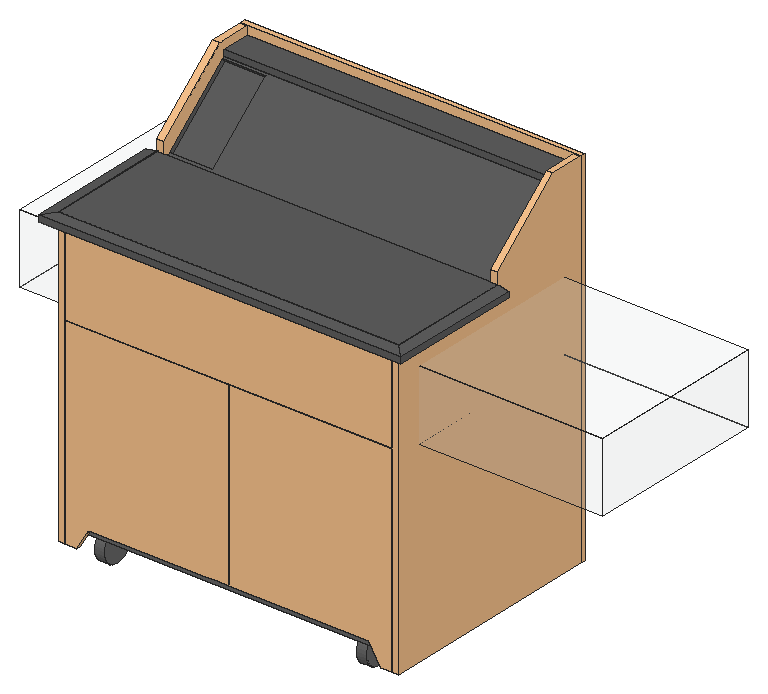
Revit family "Lectern-Middle_Atlantic-L5_Series2", category Furniture Systems, Revit 2012
Parameters (values of type "43" Contemporary, Turret")
  zz YesNo 9 [instance] = and(zz YesNo 1, or(zz Integer 1 = 1, zz Integer 1 = 4, zz Integer 1 = 7))  # yes
  zz YesNo 8 [instance] = and(Has Clearance Areas, or(zz Integer 1 = 1, zz Integer 1 = 4, zz Integer 1 = 7))  # yes
  zz YesNo 7 [instance] = and(zz YesNo 1, not(or(zz Integer 1 = 1, zz Integer 1 = 4, zz Integer 1 = 7)))  # no
  zz YesNo 6 [instance] = and(Has Clearance Areas, not(or(zz Integer 1 = 1, zz Integer 1 = 4, zz Integer 1 = 7)))  # no
  zz YesNo 5 [instance] = or(zz Integer 1 = 1, zz Integer 1 = 4, zz Integer 1 = 7)  # yes
  zz YesNo 4 [instance] = or(zz Integer 1 = 1, zz Integer 1 = 4)  # no
  zz YesNo 3 [instance] = zz Integer 1 = 7  # yes
  zz YesNo 2 [instance] = not(or(zz Integer 1 = 1, zz Integer 1 = 2, zz Integer 1 = 3))  # yes
  zz YesNo 13 [instance] = or(zz Integer 1 = 7, zz Integer 1 = 8, zz Integer 1 = 9)  # yes
  zz YesNo 12 [instance] = 1 = 0  # no
  zz YesNo 11 [instance] = not(or(zz Integer 1 = 3, zz Integer 1 = 6, zz Integer 1 = 9))  # yes
  zz YesNo 10 [instance] = not(zz YesNo 5)  # no
  zz YesNo 1 [instance] = and(Has Clearance Areas, not(or(zz Integer 1 = 1, zz Integer 1 = 2, zz Integer 1 = 3)))  # yes
  zz Length 9 [instance] = zz Length 14 / 2  # 20.7350"
  zz Length 8 [instance] = if(or(zz Integer 1 = 1, zz Integer 1 = 4, zz Integer 1 = 7), 0.5010", 0.2500")  # 0.5010"
  zz Length 7 [instance] = if(or(zz Integer 1 = 1, zz Integer 1 = 4, zz Integer 1 = 7), 0.0000", 0.8280")  # 0.0000"
  zz Length 6 [instance] = if(or(zz Integer 1 = 1, zz Integer 1 = 4, zz Integer 1 = 7), 15.6250", 0.0000")  # 15.6250"
  zz Length 5 [instance] = 0.5000"  # constant formula
  zz Length 4 [instance] = if(or(zz Integer 1 = 1, zz Integer 1 = 4, zz Integer 1 = 7), 0.8280", 0.5000")  # 0.8280"
  zz Length 3 [instance] = 0.6250"  # constant formula
  zz Length 25 [instance] = if(or(zz Integer 1 = 3, zz Integer 1 = 6, zz Integer 1 = 9), 0.0000", 8.0000")  # 8.0000"
  zz Length 24 [instance] = if(or(zz Integer 1 = 1, zz Integer 1 = 4, zz Integer 1 = 7), 2.5350", 0.0000")  # 2.5350"
  zz Length 23 [instance] = if(zz YesNo 12, 100.0000", if(or(zz Integer 1 = 1, zz Integer 1 = 2, zz Integer 1 = 3), 1.4650", 0.0000"))  # 0.0000"
  zz Length 22 [instance] = if((or(zz Integer 1 = 4, zz Integer 1 = 5, zz Integer 1 = 6)), 10.6240", 20.5940")  # 20.5940"
  zz Length 21 [instance] = if(or(zz Integer 1 = 1, zz Integer 1 = 4, zz Integer 1 = 7), 0.0000", 1.4370")  # 0.0000"
  zz Length 20 [instance] = if(zz Integer 1 = 1, 2.5350", 0.0000")  # 0.0000"
  zz Length 2 [instance] = if(or(zz Integer 1 = 7, zz Integer 1 = 8, zz Integer 1 = 9), 41.4700", 19.0000")  # 41.4700"
  zz Length 19 [instance] = if(or(zz Integer 1 = 4, zz Integer 1 = 5, zz Integer 1 = 7, zz Integer 1 = 8), 0.5000", 0.0000")  # 0.5000"
  zz Length 18 [instance] = if(or(zz Integer 1 = 1, zz Integer 1 = 4, zz Integer 1 = 7), 0.7500", 0.5000")  # 0.7500"
  zz Length 17 [instance] = if(1 = 1, 240.0000" + zz Length 1, 240.0000")  # 240.0000"
  zz Length 16 [instance] = if(or(zz Integer 1 = 1, zz Integer 1 = 2, zz Integer 1 = 3), 21.7425", 20.5940")  # 20.5940"
  zz Length 15 [instance] = if(zz YesNo 12, 200.0000", 0.0000")  # 0.0000"
  zz Length 14 [instance] = if(or(zz Integer 1 = 1, zz Integer 1 = 2, zz Integer 1 = 3), 21.9300", if(or(zz Integer 1 = 4, zz Integer 1 = 5, zz Integer 1 = 6), 31.5000", if(or(zz Integer 1 = 7, zz Integer 1 = 8, zz Integer 1 = 9), 41.4700", 21.9300")))  # 41.4700"
  zz Length 13 [instance] = if(or(zz Integer 1 = 3, zz Integer 1 = 6, zz Integer 1 = 9), 0.0000", 13.1880")  # 13.1880"
  zz Length 12 [instance] = 19.0500"  # constant formula
  zz Length 11 [instance] = 1.2500"  # constant formula
  zz Length 10 [instance] = if(or(zz Integer 1 = 1, zz Integer 1 = 2, zz Integer 1 = 3), 23.5850", if(or(zz Integer 1 = 4, zz Integer 1 = 5, zz Integer 1 = 6), 33.1550", if(or(zz Integer 1 = 7, zz Integer 1 = 8, zz Integer 1 = 9), 43.1250", 23.5850")))  # 43.1250"
  zz Length 1 [instance] = 0.0000"  # constant formula
  zz Integer 1 = 7
  zz Angle 2 [instance] = 130.00°  # constant formula
  zz Angle 1 [instance] = if(Doors Are Open, 90.00°, 0.00°)  # 0.00°
  Width = if(zz Integer 1 = 1, 26.6800", if(or(zz Integer 1 = 2, zz Integer 1 = 3), 24.4600", if(zz Integer 1 = 4, 36.2500", if(or(zz Integer 1 = 5, zz Integer 1 = 6), 35.1400", if(zz Integer 1 = 7, 46.2500", if(or(zz Integer 1 = 8, zz Integer 1 = 9), 45.1400", 26.6800"))))))  # 46.2500"
  Voltage [instance] = 0 V
  URL = "www.middleatlantic.com"
  Type Comments = ""
  Rack Spaces RU = 12  # constant formula
  Provide Feedback = "https://www.surveymonkey.com/s/M3KT6ZV"
  Product Page URL = "http://www.middleatlantic.com/Lecterns/L5.htm"
  Product Material = Steel - Middle Atlantic
  Product Documentation Link = "http://www2.middleatlantic.com/specs/ae/96-01194.aspx"
  Part Number [instance] = if(zz Integer 1 = 1, "L5-TKITM-23", if(zz Integer 1 = 2, "L5-TKIT-23", if(zz Integer 1 = 3, "L5-FLKIT-23", if(zz Integer 1 = 4, "L5-TKITM-33", if(zz Integer 1 = 5, "L5-TKIT-33", if(zz Integer 1 = 6, "L5-FLKIT-33", if(zz Integer 1 = 7, "L5-TKITM-43", if(zz Integer 1 = 8, "L5-TKIT-43", if(zz Integer 1 = 9, "L5-FLKIT-43", "L5-TKITM-23")))))))))  # "L5-TKITM-43"
  Part Description [instance] = if(zz Integer 1 = 1, "23 Inch, Contemporary Style Lectern With Turret", if(zz Integer 1 = 2, "23 Inch,Traditional Style Lectern With Turret", if(zz Integer 1 = 3, "23 Inch,Traditional Style Flat Lectern", if(zz Integer 1 = 4, "33 Inch, Contemporary Style Lectern With Turret", if(zz Integer 1 = 5, "33 Inch,Traditional Style Lectern With Turret", if(zz Integer 1 = 6, "33 Inch,Traditional Style Flat Lectern", if(zz Integer 1 = 7, "43 Inch, Contemporary Style Lectern With Turret", if(zz Integer 1 = 8, "43 Inch,Traditional Style Lectern With Turret", if(zz Integer 1 = 9, "43 Inch,Traditional Style Flat Lectern", "23 Inch, Contemporary Style Lectern With Turret")))))))))  # "43 Inch, Contemporary Style Lectern With Turret"
  Original Creation Date = "June 5, 2013"  # constant formula
  Model Disclaimer = "For More Information, Contact Middle Atlantic"  # constant formula
  Model = "See Part Number"  # constant formula
  Manufacturer = "Middle Atlantic Products"  # constant formula
  Height = 47.7500"  # constant formula
  Has Snap Locations [instance] = no
  Has Clearance Areas [instance] = yes
  Finish Material [instance] = Veneer - Middle Atlantic - Light Walnut - FIN-LW
  Family Version = "1.0.0"  # constant formula
  Equipment Number [instance] = ""
  Equipment Abbreviation = "LSL"
  Description = "See Part Description"  # constant formula
  Depth = if(or(zz Integer 1 = 1, zz Integer 1 = 4, zz Integer 1 = 7), 31.0000", 31.0700")  # 31.0000"
  Date Last Modified = "June 5, 2013"  # constant formula
  Cost = 0
  Copyright = "Copyright © Middle Atlantic"  # constant formula
  Doors Are Open [instance] = no
  Assembly Code = ""
  Apparent Load [instance] = 0 VA
Reference planes (in)
  plane 1 "Center (Front/Back)": y = 0
  plane 2 "Center (Elevation)": z = 0
  plane 3 "Center (Left/Right)": x = 0
  plane 4 "Anchor Left": x = -20.735
  plane 5 "Anchor Right": x = 20.735
  plane 6 "Anchor Front": y = -14.063
  plane 7 "Anchor Rear": y = 15.5
  plane 8 "Base": z = -240
  plane 9 "Host": z = 0
  plane 10 "Ref. Level": z = 0
  plane 11 "Panel Right": x = 21.5625
  plane 12 "Panel Left": x = -21.5625
  plane 13 "Wheel Center H": z = 2
  plane 14 "Frame Bottom": z = 3.16
  plane 15 "Frame Bay Floor": z = 5.15589
  plane 16 "Frame Bay Ceiling": z = 26.285
  plane 17 "Table Bottom": z = 37.9815
  plane 18 "Frame Ledge Top": z = 46.7315
  plane 19 "Frame Turret Top": z = 45.9815
  plane 20 "Frame Ledge Bottom": z = 45.9815
  plane 21 "Table Top": z = 38.9815
  plane 22 "Table Edge": z = 38.68993
  plane 23 "Frame Rear": y = 14.75
  plane 24 "Frame Ledge Front": y = 10.98566
  plane 25 "Wheel Center V": y = -11.768
  plane 26 "Table Rear": y = 1.562
  plane 27 "Frame Bay Rear": y = 12.125
  plane 28 "Frame Front": y = -13.562
  plane 29 "Panel Top": z = 47.75
  plane 30 "Panel Groove H01": z = 43.392
  plane 31 "Panel Groove H02": z = 43.04533
  plane 32 "Panel Groove H03": z = 37.08786
  plane 33 "Panel Groove H04": z = 36.83777
  plane 34 "Panel Groove H05": z = 26.57943
  plane 35 "Panel Groove H06": z = 26.233
  plane 36 "Panel Groove H07": z = 22.486
  plane 37 "Panel Groove H08": z = 22.13933
  plane 38 "Panel Groove H09": z = 5.67367
  plane 39 "Panel Groove H10": z = 5.327
  plane 40 "Panel Groove Bottom": z = 1.5
  plane 41 "Panel Slope Front H": z = 40.35501
  plane 42 "Panel Groove V01": y = 12.298
  plane 43 "Panel Groove V04": y = 7.85921
  plane 44 "Panel Groove V03": y = 7.91531
  plane 45 "Panel Groove V05": y = 4.86367
  plane 46 "Panel Groove V06": y = 4.517
  plane 47 "Panel Slope Front V": y = 1.562
  plane 48 "Panel Groove V02": y = 11.95133
  plane 49 "Panel Slop Top": y = 10.375
  plane 50: x = 21.563
  plane 51: x = -21.563
  plane 52: x = 15.971
  plane 53: x = -15.971
  plane 54: x = -17.221
  plane 55: x = 17.221
  plane 56 "Panel Front Bottom": z = 26.947
  plane 57 "Frame Turret Pivot": y = 1.45163
  plane 58: y = -14.063
  plane 59: x = 17.7085
  plane 60: x = -17.7085
  plane 61 "Panel Rear": y = 15.5
  plane 62: x = -17.3615
  plane 63: x = 17.3615
  plane 64 "Table Side Anchor": x = 21.5625
  plane 65 "Table Anchor Left": x = -21.5625
  plane 66: y = -15.5
  plane 67: x = -20.4225
  plane 68: x = -1.9975
  plane 69: x = -20.735
  plane 70: x = -20.11
  plane 71: x = -1.685
  plane 72: x = -2.31
  plane 73: x = 1.9975
  plane 74: x = 20.4225
  plane 75: x = 1.685
  plane 76: x = 2.31
  plane 77: x = 20.735
  plane 78: x = 20.11
  plane 79: x = -21.5625
  plane 80: x = 21.5625
  plane 81: x = 0
  plane 82 "Panel Front Groove V01": z = 35.521
  plane 83 "Panel Front Groove V02": z = 35.175
  plane 84 "Panel Front Groove V03": z = 29.614
  plane 85 "Panel Front Groove V04": z = 29.268
  plane 86 "Panel Front Groove Left Out": x = -18.2045
  plane 87 "Panel Front Groove Left In": x = -17.8585
  plane 88 "Panel Front Groove Right In": x = 17.8585
  plane 89 "Panel Front Groove Right Out": x = 18.2045
  plane 90: y = -14.063
  plane 91: y = -10.93467
  plane 92: x = 22.9995
  plane 93: x = -22.9995
Forms (in)
  Extrusion 1, solid, material "Veneer - Middle Atlantic - Light Walnut - FIN-LW" <- "Finish Material"
    sketch origin (20.735, 0, 0) x (0, -1, 0) y (0, 0, 1)
      loop
        line (-10.375, 47.75) -> (-14.75, 47.75) -> (-14.75, 1.5) -> (14.063, 1.5) -> (14.063, 37.9815) -> (-1.562, 38.9815) -> (-1.562, 40.35501) -> (-10.375, 47.75)
      loop
        line (-4.517, 37.08786) -> (-7.85921, 43.392) -> (-12.298, 43.392) -> (-12.298, 26.233) -> (-4.517, 26.233) -> (-4.517, 37.08786)
      loop
        line (-7.91531, 43.04533) -> (-11.95133, 43.04533) -> (-11.95133, 26.57943) -> (-4.86367, 26.57943) -> (-4.86367, 36.83777) -> (-7.91531, 43.04533)
      loop
        line (-4.86367, 22.13933) -> (-11.95133, 22.13933) -> (-11.95133, 5.67367) -> (-4.86367, 5.67367) -> (-4.86367, 22.13933)
      loop
        line (-4.517, 22.486) -> (-12.298, 22.486) -> (-12.298, 5.327) -> (-4.517, 5.327) -> (-4.517, 22.486)
    from 0 to -0.8275
  Extrusion 2, solid, material "Veneer - Middle Atlantic - Light Walnut - FIN-LW" <- "Finish Material"
    sketch origin (-20.735, 0, 0) x (0, -1, 0) y (0, 0, 1)
      loop
        line (-10.375, 47.75) -> (-14.75, 47.75) -> (-14.75, 1.5) -> (14.063, 1.5) -> (14.063, 37.9815) -> (-1.562, 38.9815) -> (-1.562, 40.35501) -> (-10.375, 47.75)
      loop
        line (-4.517, 37.08786) -> (-7.85921, 43.392) -> (-12.298, 43.392) -> (-12.298, 26.233) -> (-4.517, 26.233) -> (-4.517, 37.08786)
      loop
        line (-7.91531, 43.04533) -> (-11.95133, 43.04533) -> (-11.95133, 26.57943) -> (-4.86367, 26.57943) -> (-4.86367, 36.83777) -> (-7.91531, 43.04533)
      loop
        line (-4.517, 22.486) -> (-12.298, 22.486) -> (-12.298, 5.327) -> (-4.517, 5.327) -> (-4.517, 22.486)
      loop
        line (-4.86367, 22.13933) -> (-11.95133, 22.13933) -> (-11.95133, 5.67367) -> (-4.86367, 5.67367) -> (-4.86367, 22.13933)
    from 0 to 0.8275
  Extrusion 3, solid, material "Veneer - Middle Atlantic - Light Walnut - FIN-LW" <- "Finish Material"
    sketch origin (20.735, 0, 0) x (0, -1, 0) y (0, 0, 1)
      loop
        line (-1.562, 40.35501) -> (-10.375, 47.75) -> (-14.75, 47.75) -> (-14.75, 1.5) -> (14.063, 1.5) -> (14.063, 37.9815) -> (-1.562, 38.9815) -> (-1.562, 40.35501)
    from 0 to -0.828
  Extrusion 4, solid, material "Veneer - Middle Atlantic - Light Walnut - FIN-LW" <- "Finish Material"
    sketch origin (-20.735, 0, 0) x (0, -1, 0) y (0, 0, 1)
      loop
        line (-1.562, 40.35501) -> (-10.375, 47.75) -> (-14.75, 47.75) -> (-14.75, 1.5) -> (14.063, 1.5) -> (14.063, 37.9815) -> (-1.562, 38.9815) -> (-1.562, 40.35501)
    from 0 to 0.828
  Extrusion 5, solid, material "Steel - Middle Atlantic" <- "Product Material", detail levels medium+fine
    sketch origin (0, 0, 0) x (0, 1, 0) y (0, 0, 1)
      loop
        line (-10.13877, 3.16) -> (-13.39723, 3.16)
        arc (-13.39723, 3.16) -> (-11.768, 0) -> (-10.13877, 3.16) r 2
      loop
        line (13.75423, 3.16) -> (10.49577, 3.16)
        arc (10.49577, 3.16) -> (12.125, 0) -> (13.75423, 3.16) r 2
    from -17.221 to 17.221
  Extrusion 6, void
    sketch origin (0, 0, 0) x (0, 1, 0) y (0, 0, 1)
      loop
        line (-14.063, 5.15589) -> (-14.063, 0) -> (14.75, 0) -> (14.75, 5.15589) -> (-14.063, 5.15589)
    from -15.971 to 15.971
  Extrusion 7, solid, material "Veneer - Middle Atlantic - Light Walnut - FIN-LW" <- "Finish Material"
    sketch origin (0, 0, 0) x (0, 1, 0) y (0, 0, 1)
      loop
        line (10.98566, 45.9815) -> (1.45163, 37.9815) -> (-13.562, 37.9815) -> (-13.562, 26.285) -> (12.125, 26.285) -> (12.125, 5.15589) -> (-13.562, 5.15589) -> (-13.562, 3.16) -> (14.75, 3.16) -> (14.75, 1.5) -> (15.5, 1.5) -> (15.5, 47.75) -> (14.75, 47.75) -> (14.75, 45.9815) -> (10.98566, 45.9815)
    from -20.735 to 20.735
  Extrusion 8, solid, material "Veneer - Middle Atlantic - Light Walnut - FIN-LW" <- "Finish Material"
    sketch origin (0, 0, 0) x (1, 0, 0) y (0, 0, 1)
      loop
        line (-21.5625, 47.75) -> (-21.5625, 1.5) -> (21.5625, 1.5) -> (21.5625, 47.75) -> (-21.5625, 47.75)
      loop
        line (-17.3615, 22.13933) -> (-17.3615, 5.67367) -> (17.3615, 5.67367) -> (17.3615, 22.13933) -> (-17.3615, 22.13933)
      loop
        line (17.7085, 5.327) -> (17.7085, 22.486) -> (-17.7085, 22.486) -> (-17.7085, 5.327) -> (17.7085, 5.327)
      loop
        line (17.7085, 26.233) -> (17.7085, 43.392) -> (-17.7085, 43.392) -> (-17.7085, 26.233) -> (17.7085, 26.233)
      loop
        line (-17.3615, 43.04533) -> (-17.3615, 26.57943) -> (17.3615, 26.57943) -> (17.3615, 43.04533) -> (-17.3615, 43.04533)
    from -15.5 to -14.75
  Extrusion 9, solid, material "Veneer - Middle Atlantic - Light Walnut - FIN-LW" <- "Finish Material"
    sketch origin (0, 0, 0) x (0, 1, 0) y (0, 0, 1)
      loop
        line (-14.063, 38.9815) -> (-14.063, 38.68993) -> (-14.063, 37.9815) -> (1.562, 37.9815) -> (1.562, 38.9815) -> (-14.063, 38.9815)
    from -21.5625 to 21.5625
  Sweep 10, solid, material "Steel - Middle Atlantic" <- "Product Material", visible <- "zz YesNo 3"
    path in 3D
      loop
        line (21.5625, 1.562, 38.9815) -> (21.5625, -14.063, 38.9815) -> (-21.5625, -14.063, 38.9815) -> (-21.5625, 1.562, 38.9815)
    profile origin (0, -14.063, 38.9815) x (0, -1, 0) y (0, 0, 1)
      loop
        line (1.437, -1) -> (1.437, -0.29157) -> (0, 0) -> (0, -1) -> (1.437, -1)
  Sweep 11, solid, material "Steel - Middle Atlantic" <- "Product Material", visible <- "zz YesNo 4"
    path in 3D
      loop
        line (21.5625, 1.562, 38.9815) -> (21.5625, -14.063, 38.9815) -> (-21.5625, -14.063, 38.9815) -> (-21.5625, 1.562, 38.9815)
    profile origin (0, -14.063, 38.9815) x (0, -1, 0) y (0, 0, 1)
      loop
        arc (0, -1.39946) -> (1.39308, -0.2069) -> (-0.42903, 0) r 1
        line (-0.42903, 0) -> (0, 0) -> (0, -1.39946)
  Extrusion 12, solid, material "Steel - Middle Atlantic"
    sketch origin (0, 0, 5.15589) x (0, -1, 0) y (1, 0, 0)
      loop
        line (11.768, -20.735) -> (11.768, -20.11) -> (10.93467, -20.11) -> (10.93467, -20.735) -> (11.768, -20.735)
      loop
        line (11.768, -1.685) -> (10.93467, -1.685) -> (10.93467, -2.31) -> (11.768, -2.31) -> (11.768, -1.685)
    from 0 to 21.12911
  Extrusion 13, solid, material "Steel - Middle Atlantic", visible <- "zz YesNo 13"
    sketch origin (30, 0, 5.15589) x (0, -1, 0) y (1, 0, 0)
      loop
        line (11.768, -28.315) -> (11.768, -27.69) -> (10.93467, -27.69) -> (10.93467, -28.315) -> (11.768, -28.315)
      loop
        line (11.768, -9.265) -> (10.93467, -9.265) -> (10.93467, -9.89) -> (11.768, -9.89) -> (11.768, -9.265)
    from 0 to 21.12911
  Extrusion 14, solid, material "Veneer - Middle Atlantic - Light Walnut - FIN-LW" <- "Finish Material", visible <- "zz YesNo 2"
    sketch origin (0.9685, -13.562, 2.5) x (1, 0, 0) y (0, 0, 1)
      loop
        line (16.83417, 1.535) -> (18.29775, -1) -> (19.67275, -1) -> (19.67275, 24.347) -> (-0.92125, 24.347) -> (-0.92125, 1.535) -> (16.83417, 1.535)
      loop
        line (1.4205, 22.02) -> (1.4205, 2.862) -> (17.3605, 2.862) -> (17.3605, 22.02) -> (1.4205, 22.02)
      loop
        line (1.7665, 21.674) -> (1.7665, 3.208) -> (17.0145, 3.208) -> (17.0145, 21.674) -> (1.7665, 21.674)
    from 0 to 0.501
  Extrusion 15, solid, material "Veneer - Middle Atlantic - Light Walnut - FIN-LW" <- "Finish Material"
    sketch origin (-21.5625, -13.562, 1.5) x (1, 0, 0) y (0, 0, 1)
      loop
        line (0.92125, 25.347) -> (0.92125, 0) -> (2.29625, 0) -> (3.75983, 2.535) -> (18.67667, 2.535) -> (20.14025, 2.535) -> (21.51525, 2.535) -> (21.51525, 25.347) -> (0.92125, 25.347)
      loop
        line (3.4835, 23.02) -> (3.4835, 3.862) -> (18.9235, 3.862) -> (18.9235, 23.02) -> (3.4835, 23.02)
      loop
        line (3.8295, 22.674) -> (3.8295, 4.208) -> (18.5775, 4.208) -> (18.5775, 22.674) -> (3.8295, 22.674)
    from 0 to 0.501
  Extrusion 16, solid, material "Veneer - Middle Atlantic - Light Walnut - FIN-LW" <- "Finish Material"
    sketch origin (0, -13.562, 0) x (0, 0, -1) y (1, 0, 0)
      loop
        line (-37.9815, -20.735) -> (-26.947, -20.735) -> (-26.947, 20.735) -> (-37.9815, 20.735) -> (-37.9815, -20.735)
      loop
        line (-35.521, 18.2045) -> (-35.521, -18.2045) -> (-29.268, -18.2045) -> (-29.268, 18.2045) -> (-35.521, 18.2045)
      loop
        line (-35.175, 17.8585) -> (-35.175, -17.8585) -> (-29.614, -17.8585) -> (-29.614, 17.8585) -> (-35.175, 17.8585)
    from 0 to 0.501
  Extrusion 17, solid, material "Veneer - Middle Atlantic - Light Walnut - FIN-LW" <- "Finish Material"
    sketch origin (0, -13.562, 0) x (0, 0, -1) y (1, 0, 0)
      loop
        line (-37.9815, -20.735) -> (-26.947, -20.735) -> (-26.947, 20.735) -> (-37.9815, 20.735) -> (-37.9815, -20.735)
    from 0 to 0.501
  Extrusion 18, solid, material "Veneer - Middle Atlantic - Light Walnut - FIN-LW" <- "Finish Material"
    sketch origin (-21.5625, -13.562, 1.5) x (1, 0, 0) y (0, 0, 1)
      loop
        line (3.4835, 23.02) -> (3.4835, 3.862) -> (18.9235, 3.862) -> (18.9235, 23.02) -> (3.4835, 23.02)
    from 0 to 0.501 <- "zz Length 8"
  Extrusion 19, solid, material "Veneer - Middle Atlantic - Light Walnut - FIN-LW" <- "Finish Material", visible <- "zz YesNo 2"
    sketch origin (0.9685, -13.562, 1.5) x (1, 0, 0) y (0, 0, 1)
      loop
        line (1.4205, 23.02) -> (1.4205, 3.862) -> (17.3605, 3.862) -> (17.3605, 23.02) -> (1.4205, 23.02)
    from 0 to 0.501 <- "zz Length 8"
  Extrusion 20, void
    sketch origin (0, 1.45163, 37.9815) x (0, 0.766044, 0.642788) y (1, 0, 0)
      loop
        line (12.10734, -20.61) -> (12.10734, -15.1695) -> (1.22734, -15.1695) -> (1.22734, -20.61) -> (12.10734, -20.61)
    from -0.5 to 0.5 <- "zz Length 19"
  Extrusion 21, solid, material "Snap Locations", visible <- "Has Snap Locations"
    sketch origin (0, 0, 5.15589) x (0, -1, 0) y (1, 0, 0)
      loop
        line (10.93467, -20.11) -> (11.768, -20.11) -> (11.768, -2.31) -> (10.93467, -2.31) -> (10.93467, -20.11)
    from 0 to 21.12911
  Extrusion 22, solid, material "Snap Locations", visible <- "zz YesNo 13"
    sketch origin (0, 0, 5.15589) x (0, -1, 0) y (1, 0, 0)
      loop
        line (10.93467, 2.31) -> (11.768, 2.31) -> (11.768, 20.11) -> (10.93467, 20.11) -> (10.93467, 2.31)
    from 0 to 21.12911
  Extrusion 23, solid, material "Steel - Middle Atlantic" <- "Product Material"
    sketch origin (0, 0, 0) x (0, 1, 0) y (0, 0, 1)
      loop
        line (10.98566, 46.7315) -> (10.98566, 45.9815) -> (14.75, 45.9815) -> (14.75, 46.7315) -> (10.98566, 46.7315)
    from -20.735 to 20.735
  Extrusion 24, solid, material "Clearance Areas", visible <- "zz YesNo 1"
    sketch origin (21.5625, -60, 48) x (0, -1, 0) y (0, 0, 1)
      loop
        line (-49.06533, -12.825) -> (-72.125, -12.825) -> (-72.125, -21.715) -> (-49.06533, -21.715) -> (-49.06533, -12.825)
    from 0 to -23.3858
  Extrusion 25, solid, material "Clearance Areas", visible <- "Has Clearance Areas"
    sketch origin (-21.5625, 0, 0) x (0, -1, 0) y (0, 0, -1)
      loop
        line (10.93467, -35.175) -> (10.93467, -26.285) -> (-12.125, -26.285) -> (-12.125, -35.175) -> (10.93467, -35.175)
    from 0 to -7.38
Cuts and joins
  joined: Extrusion 1, Extrusion 2, Extrusion 3, Extrusion 4, Extrusion 9
  joined: Extrusion 16, Extrusion 17
  joined: Extrusion 15, Extrusion 18
  joined: Extrusion 14, Extrusion 19
  Extrusion 20 cuts Extrusion 7
  joined: Extrusion 7, Extrusion 8
  Extrusion 6 cuts Extrusion 5
Lines and regions (in)
  Masking region 1, visible <- "zz YesNo 5", detail levels coarse+medium
    outline origin (0, 0, 47.75) x (1, 0, 0) y (0, 1, 0)
      loop
        line (-22.9995, 15.5) -> (-22.9995, -15.5) -> (22.9995, -15.5) -> (22.9995, 15.5) -> (-22.9995, 15.5)
  Masking region 2, visible <- "zz YesNo 10", detail levels coarse+medium
    outline origin (0, 0, 47.75) x (1, 0, 0) y (0, 1, 0)
      loop
        line (-21.5625, 15.5) -> (-21.5625, -15.5) -> (21.5625, -15.5) -> (21.5625, 15.5) -> (-21.5625, 15.5)
  Masking region 3, visible <- "zz YesNo 5", detail levels fine
    outline origin (0, 0, 47.75) x (1, 0, 0) y (0, 1, 0)
      loop
        line (-21.5625, 15.5) -> (-21.5625, 1.562) -> (-22.9995, 1.562) -> (-22.9995, -15.5) -> (22.9995, -15.5) -> (22.9995, 1.562) -> (21.5625, 1.562) -> (21.5625, 15.5) -> (-21.5625, 15.5)
  Masking region 4, visible <- "zz YesNo 10", detail levels fine
    outline origin (0, 0, 47.75) x (1, 0, 0) y (0, 1, 0)
      loop
        line (-20.735, -15.5) -> (20.735, -15.5) -> (20.735, -14.063) -> (21.5625, -14.063) -> (21.5625, 15.5) -> (-21.5625, 15.5) -> (-21.5625, -14.063) -> (-20.735, -14.063) -> (-20.735, -15.5)
  model lines, style "FurnitureSystemsHiddenLines", not visible
    curve 1: line (-21.5625, -14.063, 38.9815) -> (-21.5625, 1.562, 38.9815)
    curve 2: line (21.5625, -14.063, 38.9815) -> (-21.5625, -14.063, 38.9815)
    curve 3: line (21.5625, 1.562, 38.9815) -> (21.5625, -14.063, 38.9815)
  sketch lines
    curve 4: line (21.5625, -14.063, 38.9815) -> (-21.5625, -14.063, 38.9815)
    curve 5: line (-21.5625, -14.063, 38.9815) -> (-21.5625, 1.562, 38.9815)
    curve 6: line (21.5625, 1.562, 38.9815) -> (21.5625, -14.063, 38.9815)
    curve 7: line (21.5625, -14.063, 38.9815) -> (-21.5625, -14.063, 38.9815)
    curve 8: line (-21.5625, -14.063, 38.9815) -> (-21.5625, 1.562, 38.9815)
    curve 9: line (21.5625, 1.562, 38.9815) -> (21.5625, -14.063, 38.9815)
  reference lines
    curve 10: line (-20.4225, -11.768, 5.65589) -> (-1.9975, -11.768, 5.65589)
    curve 11: line (-20.4225, -11.768, 6.90589) -> (-1.9975, -11.768, 6.90589)
    curve 12: line (-20.4225, -11.768, 7.40589) -> (-1.9975, -11.768, 7.40589)
    curve 13: line (-20.4225, -11.768, 8.65589) -> (-1.9975, -11.768, 8.65589)
    curve 14: line (-20.4225, -11.768, 9.15589) -> (-1.9975, -11.768, 9.15589)
    curve 15: line (-20.4225, -11.768, 10.40589) -> (-1.9975, -11.768, 10.40589)
    curve 16: line (-20.4225, -11.768, 10.90589) -> (-1.9975, -11.768, 10.90589)
    curve 17: line (-20.4225, -11.768, 12.15589) -> (-1.9975, -11.768, 12.15589)
    curve 18: line (-20.4225, -11.768, 12.65589) -> (-1.9975, -11.768, 12.65589)
    curve 19: line (-20.4225, -11.768, 13.90589) -> (-1.9975, -11.768, 13.90589)
    curve 20: line (-20.4225, -11.768, 14.40589) -> (-1.9975, -11.768, 14.40589)
    curve 21: line (-20.4225, -11.768, 15.65589) -> (-1.9975, -11.768, 15.65589)
    curve 22: line (-20.4225, -11.768, 16.15589) -> (-1.9975, -11.768, 16.15589)
    curve 23: line (-20.4225, -11.768, 17.40589) -> (-1.9975, -11.768, 17.40589)
    curve 24: line (-20.4225, -11.768, 17.90589) -> (-1.9975, -11.768, 17.90589)
    curve 25: line (-20.4225, -11.768, 19.15589) -> (-1.9975, -11.768, 19.15589)
    curve 26: line (-20.4225, -11.768, 19.65589) -> (-1.9975, -11.768, 19.65589)
    curve 27: line (-20.4225, -11.768, 20.90589) -> (-1.9975, -11.768, 20.90589)
    curve 28: line (-20.4225, -11.768, 21.40589) -> (-1.9975, -11.768, 21.40589)
    curve 29: line (-20.4225, -11.768, 22.65589) -> (-1.9975, -11.768, 22.65589)
    curve 30: line (-20.4225, -11.768, 23.15589) -> (-1.9975, -11.768, 23.15589)
    curve 31: line (-20.4225, -11.768, 24.40589) -> (-1.9975, -11.768, 24.40589)
    curve 32: line (-20.4225, -11.768, 24.90589) -> (-1.9975, -11.768, 24.90589)
    curve 33: line (-20.4225, -11.768, 26.15589) -> (-1.9975, -11.768, 26.15589)
    curve 46: line (1.9975, -11.768, 5.65589) -> (20.4225, -11.768, 5.65589)
    curve 47: line (1.9975, -11.768, 6.90589) -> (20.4225, -11.768, 6.90589)
    curve 48: line (1.9975, -11.768, 7.40589) -> (20.4225, -11.768, 7.40589)
    curve 49: line (1.9975, -11.768, 8.65589) -> (20.4225, -11.768, 8.65589)
    curve 50: line (1.9975, -11.768, 9.15589) -> (20.4225, -11.768, 9.15589)
    curve 51: line (1.9975, -11.768, 10.40589) -> (20.4225, -11.768, 10.40589)
    curve 52: line (1.9975, -11.768, 10.90589) -> (20.4225, -11.768, 10.90589)
    curve 53: line (1.9975, -11.768, 12.15589) -> (20.4225, -11.768, 12.15589)
    curve 54: line (1.9975, -11.768, 12.65589) -> (20.4225, -11.768, 12.65589)
    curve 55: line (1.9975, -11.768, 13.90589) -> (20.4225, -11.768, 13.90589)
    curve 56: line (1.9975, -11.768, 14.40589) -> (20.4225, -11.768, 14.40589)
    curve 57: line (1.9975, -11.768, 15.65589) -> (20.4225, -11.768, 15.65589)
    curve 58: line (1.9975, -11.768, 16.15589) -> (20.4225, -11.768, 16.15589)
    curve 59: line (1.9975, -11.768, 17.40589) -> (20.4225, -11.768, 17.40589)
    curve 60: line (1.9975, -11.768, 17.90589) -> (20.4225, -11.768, 17.90589)
    curve 61: line (1.9975, -11.768, 19.15589) -> (20.4225, -11.768, 19.15589)
    curve 62: line (1.9975, -11.768, 19.65589) -> (20.4225, -11.768, 19.65589)
    curve 63: line (1.9975, -11.768, 20.90589) -> (20.4225, -11.768, 20.90589)
    curve 64: line (1.9975, -11.768, 21.40589) -> (20.4225, -11.768, 21.40589)
    curve 65: line (1.9975, -11.768, 22.65589) -> (20.4225, -11.768, 22.65589)
    curve 66: line (1.9975, -11.768, 23.15589) -> (20.4225, -11.768, 23.15589)
    curve 67: line (1.9975, -11.768, 24.40589) -> (20.4225, -11.768, 24.40589)
    curve 68: line (1.9975, -11.768, 24.90589) -> (20.4225, -11.768, 24.90589)
    curve 69: line (1.9975, -11.768, 26.15589) -> (20.4225, -11.768, 26.15589)
    curve 82: line (-21.5625, -13.562, 1.5) -> (-0.9685, -13.562, 1.5)
    curve 83: line (0.9685, -13.562, 1.5) -> (21.5625, -13.562, 1.5)
    curve 84: line (-20.64125, -13.562, 26.847) -> (-20.64125, -13.562, 4.035)
    curve 85: line (-0.04725, -13.562, 26.847) -> (-20.64125, -13.562, 26.847)
    curve 86: line (20.64125, -13.562, 26.847) -> (0.04725, -13.562, 26.847)
    curve 87: line (20.64125, -13.562, 4.035) -> (20.64125, -13.562, 26.847)
    curve 88: line (-0.04725, -13.562, 4.035) -> (-0.04725, -13.562, 26.847)
    curve 89: line (0.04725, -13.562, 26.847) -> (0.04725, -13.562, 4.035)
    curve 90: line (-19.26625, -13.562, 4.035) -> (-19.26625, -13.562, 1.215)
    curve 91: line (-17.80267, -13.562, 4.035) -> (-17.80267, -13.562, 6.28089)
    curve 92: line (-20.64125, -13.562, 4.035) -> (-0.04725, -13.562, 4.035)
    curve 93: line (-1.42225, -13.562, 4.035) -> (-1.42225, -13.562, 0.535)
    curve 94: line (-2.88583, -13.562, 4.035) -> (-2.88583, -13.562, 6.28089)
    curve 95: line (19.26625, -13.562, 1.5) -> (19.26625, -13.562, 1.215)
    curve 96: line (17.80267, -13.562, 4.035) -> (17.80267, -13.562, 6.28089)
    curve 97: line (20.64125, -13.562, 4.035) -> (0.04725, -13.562, 4.035)
    curve 98: line (19.26625, -13.562, 1.5) -> (21.5625, -13.562, 1.5)
    curve 99: line (-18.079, -13.562, 24.52) -> (-2.639, -13.562, 24.52)
    curve 100: line (-2.639, -13.562, 24.52) -> (-2.639, -13.562, 5.362)
    curve 101: line (-17.733, -13.562, 24.174) -> (-2.985, -13.562, 24.174)
    curve 102: line (-2.985, -13.562, 24.174) -> (-2.985, -13.562, 5.708)
    curve 103: line (-17.733, -13.562, 5.708) -> (-17.733, -13.562, 24.174)
    curve 104: line (-18.079, -13.562, 5.362) -> (-18.079, -13.562, 24.52)
    curve 105: line (-2.985, -13.562, 5.708) -> (-17.733, -13.562, 5.708)
    curve 106: line (-2.639, -13.562, 5.362) -> (-18.079, -13.562, 5.362)
    curve 107: line (18.329, -13.562, 5.362) -> (2.389, -13.562, 5.362)
    curve 108: line (17.983, -13.562, 5.708) -> (2.735, -13.562, 5.708)
    curve 109: line (17.983, -13.562, 24.174) -> (17.983, -13.562, 5.708)
    curve 110: line (18.329, -13.562, 24.52) -> (18.329, -13.562, 5.362)
    curve 111: line (2.735, -13.562, 24.174) -> (17.983, -13.562, 24.174)
    curve 112: line (2.389, -13.562, 24.52) -> (18.329, -13.562, 24.52)
    curve 113: line (2.735, -13.562, 5.708) -> (2.735, -13.562, 24.174)
    curve 114: line (2.389, -13.562, 5.362) -> (2.389, -13.562, 24.52)
    curve 115: line (0, 1.45163, 37.9815) -> (0, 11.26751, 46.218)
    curve 116: line (-20.735, 11.26751, 46.218) -> (-20.735, 1.45163, 37.9815)
    curve 117: line (-20.61, 10.72639, 45.76395) -> (-15.1695, 10.72639, 45.76395)
    curve 118: line (-15.1695, 10.72639, 45.76395) -> (-15.1695, 2.39182, 38.77042)
    curve 119: line (-15.1695, 2.39182, 38.77042) -> (-20.61, 2.39182, 38.77042)
    curve 120: line (-20.61, 2.39182, 38.77042) -> (-20.61, 10.72639, 45.76395)
    curve 123: line (20.735, 11.26751, 46.218) -> (20.735, 1.45163, 37.9815)
    curve 124: line (-2.08081, -13.562, 4.035) -> (0.91919, -13.562, 4.035)
    curve 125: line (-17.80267, -13.562, 1.5) -> (-22.30267, -13.562, 1.5)
  model lines, style "Snap Locations", visible <- "Has Snap Locations", detail levels medium+fine
    curve 34: line (-20.4225, -11.768, 6.90589) -> (-20.4225, -11.768, 5.65589)
    curve 35: line (-20.4225, -11.768, 8.65589) -> (-20.4225, -11.768, 7.40589)
    curve 36: line (-20.4225, -11.768, 10.40589) -> (-20.4225, -11.768, 9.15589)
    curve 37: line (-20.4225, -11.768, 12.15589) -> (-20.4225, -11.768, 10.90589)
    curve 38: line (-20.4225, -11.768, 13.90589) -> (-20.4225, -11.768, 12.65589)
    curve 39: line (-20.4225, -11.768, 15.65589) -> (-20.4225, -11.768, 14.40589)
    curve 40: line (-20.4225, -11.768, 17.40589) -> (-20.4225, -11.768, 16.15589)
    curve 41: line (-20.4225, -11.768, 19.15589) -> (-20.4225, -11.768, 17.90589)
    curve 42: line (-20.4225, -11.768, 20.90589) -> (-20.4225, -11.768, 19.65589)
    curve 43: line (-20.4225, -11.768, 22.65589) -> (-20.4225, -11.768, 21.40589)
    curve 44: line (-20.4225, -11.768, 24.40589) -> (-20.4225, -11.768, 23.15589)
    curve 45: line (-20.4225, -11.768, 26.15589) -> (-20.4225, -11.768, 24.90589)
  model lines, style "Snap Locations", visible <- "zz YesNo 13", detail levels medium+fine
    curve 70: line (1.9975, -11.768, 6.90589) -> (1.9975, -11.768, 5.65589)
    curve 71: line (1.9975, -11.768, 8.65589) -> (1.9975, -11.768, 7.40589)
    curve 72: line (1.9975, -11.768, 10.40589) -> (1.9975, -11.768, 9.15589)
    curve 73: line (1.9975, -11.768, 12.15589) -> (1.9975, -11.768, 10.90589)
    curve 74: line (1.9975, -11.768, 13.90589) -> (1.9975, -11.768, 12.65589)
    curve 75: line (1.9975, -11.768, 15.65589) -> (1.9975, -11.768, 14.40589)
    curve 76: line (1.9975, -11.768, 17.40589) -> (1.9975, -11.768, 16.15589)
    curve 77: line (1.9975, -11.768, 19.15589) -> (1.9975, -11.768, 17.90589)
    curve 78: line (1.9975, -11.768, 20.90589) -> (1.9975, -11.768, 19.65589)
    curve 79: line (1.9975, -11.768, 22.65589) -> (1.9975, -11.768, 21.40589)
    curve 80: line (1.9975, -11.768, 24.40589) -> (1.9975, -11.768, 23.15589)
    curve 81: line (1.9975, -11.768, 26.15589) -> (1.9975, -11.768, 24.90589)
  symbolic lines, detail levels fine
    curve 121: line (-20.735, 10.98566, 47.75) -> (20.735, 10.98566, 47.75)
    curve 126: line (-20.735, 1.562, 47.75) -> (-20.735, 14.75, 47.75)
    curve 127: line (-20.735, 14.75, 47.75) -> (20.735, 14.75, 47.75)
    curve 128: line (20.735, 14.75, 47.75) -> (20.735, 1.562, 47.75)
    curve 129: line (-21.5625, 15.5, 47.75) -> (21.5625, 15.5, 47.75)
    curve 130: line (-21.5625, 1.562, 47.75) -> (-21.5625, 15.5, 47.75)
    curve 131: line (21.5625, 1.562, 47.75) -> (20.735, 1.562, 47.75)
    curve 132: line (21.5625, 15.5, 47.75) -> (21.5625, 1.562, 47.75)
    curve 133: line (-20.735, 1.562, 47.75) -> (-21.5625, 1.562, 47.75)
  symbolic lines, visible <- "zz YesNo 11", detail levels fine
    curve 122: line (-20.735, 1.562, 47.75) -> (20.735, 1.562, 47.75)
  symbolic lines, visible <- "zz YesNo 5", detail levels fine
    curve 134: line (-22.9995, 1.562, 47.75) -> (-21.5625, 1.562, 47.75)
    curve 135: line (-22.9995, -15.5, 47.75) -> (-22.9995, 1.562, 47.75)
    curve 136: line (22.9995, -15.5, 47.75) -> (-22.9995, -15.5, 47.75)
    curve 137: line (22.9995, 1.562, 47.75) -> (22.9995, -15.5, 47.75)
    curve 138: line (21.5625, 1.562, 47.75) -> (22.9995, 1.562, 47.75)
  symbolic lines, visible <- "zz YesNo 10", detail levels fine
    curve 139: line (-20.735, -15.5, 47.75) -> (-20.735, 1.562, 47.75)
    curve 140: line (20.735, -15.5, 47.75) -> (-20.735, -15.5, 47.75)
    curve 141: line (20.735, 1.562, 47.75) -> (20.735, -15.5, 47.75)
  symbolic lines, visible <- "zz YesNo 5", detail levels coarse+medium
    curve 142: line (-22.9995, 15.5, 47.75) -> (22.9995, 15.5, 47.75)
    curve 143: line (-22.9995, -15.5, 47.75) -> (-22.9995, 15.5, 47.75)
    curve 144: line (22.9995, -15.5, 47.75) -> (-22.9995, -15.5, 47.75)
    curve 145: line (22.9995, 15.5, 47.75) -> (22.9995, -15.5, 47.75)
  symbolic lines, visible <- "zz YesNo 10", detail levels coarse+medium
    curve 146: line (-21.5625, 15.5, 47.75) -> (21.5625, 15.5, 47.75)
    curve 147: line (-21.5625, -15.5, 47.75) -> (-21.5625, 15.5, 47.75)
    curve 148: line (21.5625, -15.5, 47.75) -> (-21.5625, -15.5, 47.75)
    curve 149: line (21.5625, 15.5, 47.75) -> (21.5625, -15.5, 47.75)
  symbolic lines, style "Clearance Areas", visible <- "zz YesNo 6"
    curve 150: line (-28.9425, 12.125, 47.75) -> (-21.5625, 12.125, 47.75)
    curve 151: line (-28.9425, -10.93467, 47.75) -> (-28.9425, 12.125, 47.75)
    curve 152: line (-21.5625, -10.93467, 47.75) -> (-28.9425, -10.93467, 47.75)
  symbolic lines, style "Clearance Areas", visible <- "zz YesNo 7"
    curve 153: line (21.5625, 12.125, 47.75) -> (44.9483, 12.125, 47.75)
    curve 154: line (44.9483, -10.93467, 47.75) -> (21.5625, -10.93467, 47.75)
    curve 155: line (44.9483, 12.125, 47.75) -> (44.9483, -10.93467, 47.75)
  symbolic lines, style "Clearance Areas", visible <- "zz YesNo 9", detail levels coarse+medium
    curve 156: line (22.9995, 12.125, 47.75) -> (44.9483, 12.125, 47.75)
    curve 157: line (44.9483, -10.93467, 47.75) -> (22.9995, -10.93467, 47.75)
    curve 158: line (44.9483, 12.125, 47.75) -> (44.9483, -10.93467, 47.75)
  symbolic lines, style "Clearance Areas", visible <- "zz YesNo 8", detail levels coarse+medium
    curve 159: line (-28.9425, 12.125, 47.75) -> (-22.9995, 12.125, 47.75)
    curve 160: line (-28.9425, -10.93467, 47.75) -> (-28.9425, 12.125, 47.75)
    curve 161: line (-22.9995, -10.93467, 47.75) -> (-28.9425, -10.93467, 47.75)
  symbolic lines, style "Clearance Areas", visible <- "zz YesNo 9", detail levels fine
    curve 162: line (21.5625, 12.125, 47.75) -> (44.9483, 12.125, 47.75)
    curve 163: line (44.9483, -10.93467, 47.75) -> (22.9995, -10.93467, 47.75)
    curve 164: line (44.9483, 12.125, 47.75) -> (44.9483, -10.93467, 47.75)
  symbolic lines, style "Clearance Areas", visible <- "zz YesNo 8", detail levels fine
    curve 165: line (-28.9425, 12.125, 47.75) -> (-21.5625, 12.125, 47.75)
    curve 166: line (-28.9425, -10.93467, 47.75) -> (-28.9425, 12.125, 47.75)
    curve 167: line (-22.9995, -10.93467, 47.75) -> (-28.9425, -10.93467, 47.75)
Dimensions and locks (in)
  locked: plane 1 "Center (Front/Back)" to plane 7 "Anchor Rear" at 15.5
  equal spacing: plane 4 "Anchor Left", plane 3 "Center (Left/Right)", plane 5 "Anchor Right"
  "zz Length 17": plane 9 "Host" to plane 8 "Base"
  "zz Length 14": plane 4 "Anchor Left" to plane 5 "Anchor Right"
  "zz Length 25": plane 19 "Frame Turret Top" to plane 17 "Table Bottom"
  locked: plane 6 "Anchor Front" to plane 1 "Center (Front/Back)" at 14.063
  plane 5 "Anchor Right" to plane 11 "Panel Right" = 0.8275"
  plane 12 "Panel Left" to plane 4 "Anchor Left" = 0.8275"
  "zz Length 4": plane 5 "Anchor Right" to plane 50
  "zz Length 4": plane 51 to plane 4 "Anchor Left"
  plane 53 to plane 52 = 31.9420"
  locked: plane 4 "Anchor Left" to plane 53 at 4.764
  locked: plane 54 to plane 53 at 1.25
  locked: plane 52 to plane 55 at 1.25
  equal spacing: plane 53, plane 3 "Center (Left/Right)", plane 52
  plane 29 "Panel Top" to plane 40 "Panel Groove Bottom" to plane 9 "Host" = 46.2500" locked, 1.5000" locked
  plane 39 "Panel Groove H10" to plane 36 "Panel Groove H07" to plane 35 "Panel Groove H06" to plane 30 "Panel Groove H01" to plane 29 "Panel Top" = 17.1590" locked, 3.7470" locked, 17.1590" locked, 4.3580" locked
  plane 31 "Panel Groove H02" to plane 30 "Panel Groove H01" = 0.34667"
  plane 33 "Panel Groove H04" to plane 32 "Panel Groove H03" to plane 30 "Panel Groove H01" = 0.25009" locked, 6.30414" locked
  locked: plane 35 "Panel Groove H06" to plane 34 "Panel Groove H05" at 0.34643
  plane 40 "Panel Groove Bottom" to plane 56 "Panel Front Bottom" = 25.4470"
  locked: plane 39 "Panel Groove H10" to plane 38 "Panel Groove H09" at 0.34667
  locked: plane 37 "Panel Groove H08" to plane 36 "Panel Groove H07" at 0.34667
  locked: plane 1 "Center (Front/Back)" to plane 57 "Frame Turret Pivot" at 1.45163
  "zz Length 13": plane 26 "Table Rear" to plane 23 "Frame Rear"
  "zz Length 6": plane 6 "Anchor Front" to plane 47 "Panel Slope Front V"
  locked: plane 17 "Table Bottom" to plane 9 "Host" at 37.9815
  locked: plane 18 "Frame Ledge Top" to plane 17 "Table Bottom" at 8.75
  locked: plane 18 "Frame Ledge Top" to plane 20 "Frame Ledge Bottom" at 0.75
  plane 21 "Table Top" to plane 22 "Table Edge" to plane 17 "Table Bottom" = 0.29157" locked, 0.70843" locked
  plane 16 "Frame Bay Ceiling" to plane 15 "Frame Bay Floor" to plane 14 "Frame Bottom" to plane 13 "Wheel Center H" to plane 9 "Host" = 21.12911" locked, 1.99589" locked, 1.1600" locked, 2.0000" locked
  plane 47 "Panel Slope Front V" to plane 46 "Panel Groove V06" to plane 45 "Panel Groove V05" = 2.9550" locked, 0.34667" locked
  locked: plane 6 "Anchor Front" to plane 28 "Frame Front" at 0.501
  locked: plane 41 "Panel Slope Front H" to plane 17 "Table Bottom" at 2.37351
  equal spacing: plane 59, plane 3 "Center (Left/Right)", plane 60
  locked: plane 23 "Frame Rear" to plane 7 "Anchor Rear" at 0.75
  plane 43 "Panel Groove V04" to plane 44 "Panel Groove V03" to plane 49 "Panel Slop Top" to plane 48 "Panel Groove V02" to plane 42 "Panel Groove V01" to plane 7 "Anchor Rear" = 0.0561" locked, 2.45969" locked, 1.57633" locked, 0.34667" locked, 3.2020" locked
  "zz Length 18": plane 23 "Frame Rear" to plane 61 "Panel Rear"
  plane 60 to plane 62 = 0.3470"
  plane 59 to plane 63 = 0.3470"
  locked: plane 4 "Anchor Left" to plane 60 at 3.0265
  equal spacing: plane 65 "Table Anchor Left", plane 3 "Center (Left/Right)", plane 64 "Table Side Anchor"
  locked: plane 6 "Anchor Front" to plane 25 "Wheel Center V" at 2.295
  "zz Length 21": plane 58 to plane 6 "Anchor Front"
  locked: plane 66 to plane 6 "Anchor Front" at 1.437
  "zz Length 7": plane 12 "Panel Left" to plane 65 "Table Anchor Left"
  locked: profile plane to Sweep 11 sketch curve at 0.5
  locked: Sweep 11 sketch curve to Sweep 10 at 0.437
  "zz Length 11": curve 11 to curve 10
  "zz Length 11": curve 13 to curve 12
  "zz Length 11": curve 15 to curve 14
  "zz Length 11": curve 17 to curve 16
  "zz Length 11": curve 19 to curve 18
  "zz Length 11": curve 21 to curve 20
  "zz Length 11": curve 23 to curve 22
  "zz Length 11": curve 25 to curve 24
  "zz Length 11": curve 27 to curve 26
  "zz Length 11": curve 29 to curve 28
  "zz Length 11": curve 31 to curve 30
  "zz Length 11": curve 33 to curve 32
  "zz Length 5": curve 12 to curve 11
  "zz Length 5": curve 14 to curve 13
  "zz Length 5": curve 16 to curve 15
  "zz Length 5": curve 18 to curve 17
  "zz Length 5": curve 20 to curve 19
  "zz Length 5": curve 22 to curve 21
  "zz Length 5": curve 24 to curve 23
  "zz Length 5": curve 26 to curve 25
  "zz Length 5": curve 28 to curve 27
  "zz Length 5": curve 30 to curve 29
  "zz Length 5": curve 32 to curve 31
  "zz Length 3": plane 69 to plane 70
  "zz Length 3": plane 71 to plane 72
  "zz Length 12": plane 71 to plane 69
  equal spacing: plane 69, plane 67, plane 70
  equal spacing: plane 72, plane 68, plane 71
  Extrusion 12 sketch curve to Extrusion 12 sketch curve = 0.83333"  (x2)
  "zz Length 11": curve 47 to curve 46
  "zz Length 11": curve 49 to curve 48
  "zz Length 11": curve 51 to curve 50
  "zz Length 11": curve 53 to curve 52
  "zz Length 11": curve 55 to curve 54
  "zz Length 11": curve 57 to curve 56
  "zz Length 11": curve 59 to curve 58
  "zz Length 11": curve 61 to curve 60
  "zz Length 11": curve 63 to curve 62
  "zz Length 11": curve 65 to curve 64
  "zz Length 11": curve 67 to curve 66
  "zz Length 11": curve 69 to curve 68
  "zz Length 5": curve 48 to curve 47
  "zz Length 5": curve 50 to curve 49
  "zz Length 5": curve 52 to curve 51
  "zz Length 5": curve 54 to curve 53
  "zz Length 5": curve 56 to curve 55
  "zz Length 5": curve 58 to curve 57
  "zz Length 5": curve 60 to curve 59
  "zz Length 5": curve 62 to curve 61
  "zz Length 5": curve 64 to curve 63
  "zz Length 5": curve 66 to curve 65
  "zz Length 5": curve 68 to curve 67
  "zz Length 3": plane 75 to plane 76
  "zz Length 3": plane 77 to plane 78
  "zz Length 12": plane 77 to plane 75
  equal spacing: plane 75, plane 73, plane 76
  equal spacing: plane 78, plane 74, plane 77
  Extrusion 13 sketch curve to Extrusion 13 sketch curve = 0.83333"  (x2)
  "zz Length 2": plane 77 to plane 69
  "zz Length 23": plane 4 "Anchor Left" to plane 69
  equal spacing: plane 79, plane 81, plane 80
  "zz Length 10": plane 80 to plane 79
  "zz Length 16": curve 82 to curve 82
  "zz Length 22": curve 83 to curve 83
  locked: curve 82 to curve 84 at 0.92125
  "zz Length 16": curve 84 to curve 88
  locked: curve 85 to curve 82 at 25.347
  curve 88 to curve 93 to curve 94 = 1.3750" locked, 1.46358" locked
  locked: curve 92 to curve 82 at 2.535
  locked: curve 97 to curve 83 at 2.535
  curve 86 to curve 83 = 25.3470"
  curve 87 to curve 95 to curve 96 = 1.3750" locked, 1.46358" locked
  "zz Length 22": curve 87 to curve 89
  "zz Length 15": plane 79 to plane 12 "Panel Left"
  locked: curve 83 to curve 87 at 0.92125
  plane 65 "Table Anchor Left" to plane 64 "Table Side Anchor" = 43.1250"
  equal spacing: plane 89 "Panel Front Groove Right Out", plane 3 "Center (Left/Right)", plane 86 "Panel Front Groove Left Out"
  equal spacing: plane 88 "Panel Front Groove Right In", plane 3 "Center (Left/Right)", plane 87 "Panel Front Groove Left In"
  locked: plane 86 "Panel Front Groove Left Out" to plane 87 "Panel Front Groove Left In" at 0.346
  locked: plane 89 "Panel Front Groove Right Out" to plane 5 "Anchor Right" at 2.5305
  "zz Length 8": plane 90 to plane 28 "Frame Front"
  curve 84 to curve 104 to curve 103 = 2.56225" locked, 0.3460" locked
  curve 88 to curve 100 to curve 102 = 2.59175" locked, 0.3460" locked
  curve 89 to curve 114 to curve 113 = 2.34175" locked, 0.3460" locked
  curve 87 to curve 110 to curve 109 = 2.31225" locked, 0.3460" locked
  curve 112 to curve 111 to curve 108 to curve 107 to curve 83 = 0.3460" locked, 18.4660" locked, 0.3460" locked, 3.8620" locked
  curve 99 to curve 101 to curve 105 to curve 106 to curve 82 = 0.3460" locked, 18.4660" locked, 0.3460" locked, 3.8620" locked
  "zz Length 9": curve 116 to curve 115
  curve 116 to curve 120 to curve 118 = 0.1250" locked, 5.4405" locked
  curve 117 to curve 119 to curve 116 = 10.8800" locked, 1.22734" locked
  "zz Length 14": curve 116 to curve 123
  "zz Length 20": curve 92 to curve 124
  "zz Length 24": curve 92 to curve 125
  plane 56 "Panel Front Bottom" to plane 85 "Panel Front Groove V04" to plane 84 "Panel Front Groove V03" to plane 83 "Panel Front Groove V02" to plane 82 "Panel Front Groove V01" = 2.3210" locked, 0.3460" locked, 5.5610" locked, 0.3460" locked
  locked: plane 6 "Anchor Front" to plane 91 at 3.12833
  "zz Length 24": curve 97 to curve 98
  locked: curve 82 to plane 79
  locked: plane 80 to curve 83
  locked: plane 64 "Table Side Anchor" to plane 92 at 1.437
  locked: plane 93 to plane 65 "Table Anchor Left" at 1.437
  radius of Extrusion 5 sketch curve = 2.0000"  (x2)
  "zz Angle 1": angle plane 28 "Frame Front" to curve 83
  "zz Angle 2": angle plane 57 "Frame Turret Pivot" to curve 115
  "zz Angle 1": angle curve 82 to plane 28 "Frame Front"
  aligned and locked: plane 2 "Center (Elevation)" to level
  aligned and locked: plane 49 "Panel Slop Top" to Extrusion 1 sketch curve
  aligned and locked: plane 29 "Panel Top" to Extrusion 1 sketch curve
  aligned and locked: plane 41 "Panel Slope Front H" to Extrusion 1 sketch curve
  aligned and locked: plane 47 "Panel Slope Front V" to Extrusion 1 sketch curve  (x2)
  aligned and locked: plane 6 "Anchor Front" to Extrusion 1 sketch curve  (x2)
  aligned and locked: plane 17 "Table Bottom" to Extrusion 1 sketch curve
  aligned and locked: Extrusion 1 sketch curve to plane 40 "Panel Groove Bottom"
  aligned and locked: plane 30 "Panel Groove H01" to Extrusion 1 sketch curve
  aligned and locked: plane 31 "Panel Groove H02" to Extrusion 1 sketch curve
  aligned and locked: plane 48 "Panel Groove V02" to Extrusion 1 sketch curve  (x2)
  aligned and locked: plane 42 "Panel Groove V01" to Extrusion 1 sketch curve  (x2)
  aligned and locked: Extrusion 1 sketch curve to plane 46 "Panel Groove V06"  (x2)
  aligned and locked: Extrusion 1 sketch curve to plane 45 "Panel Groove V05"  (x2)
  aligned and locked: Extrusion 1 sketch curve to plane 34 "Panel Groove H05"
  aligned and locked: Extrusion 1 sketch curve to plane 35 "Panel Groove H06"
  aligned and locked: plane 36 "Panel Groove H07" to Extrusion 1 sketch curve
  aligned and locked: plane 37 "Panel Groove H08" to Extrusion 1 sketch curve
  aligned and locked: Extrusion 1 sketch curve to plane 38 "Panel Groove H09"
  aligned and locked: Extrusion 1 sketch curve to plane 39 "Panel Groove H10"
  aligned and locked: plane 49 "Panel Slop Top" to Extrusion 2 sketch curve
  aligned and locked: plane 41 "Panel Slope Front H" to Extrusion 2 sketch curve
  aligned and locked: plane 36 "Panel Groove H07" to Extrusion 2 sketch curve
  aligned and locked: plane 37 "Panel Groove H08" to Extrusion 2 sketch curve
  aligned and locked: Extrusion 2 sketch curve to plane 39 "Panel Groove H10"
  aligned and locked: Extrusion 2 sketch curve to plane 38 "Panel Groove H09"
  aligned and locked: plane 48 "Panel Groove V02" to Extrusion 2 sketch curve  (x2)
  aligned and locked: plane 42 "Panel Groove V01" to Extrusion 2 sketch curve  (x2)
  aligned and locked: Extrusion 2 sketch curve to plane 45 "Panel Groove V05"  (x2)
  aligned and locked: Extrusion 2 sketch curve to plane 46 "Panel Groove V06"  (x2)
  aligned and locked: plane 31 "Panel Groove H02" to Extrusion 2 sketch curve
  aligned and locked: plane 30 "Panel Groove H01" to Extrusion 2 sketch curve
  aligned and locked: Extrusion 2 sketch curve to plane 34 "Panel Groove H05"
  aligned and locked: Extrusion 2 sketch curve to plane 35 "Panel Groove H06"
  aligned and locked: plane 29 "Panel Top" to Extrusion 2 sketch curve
  aligned and locked: Extrusion 2 sketch curve to plane 40 "Panel Groove Bottom"
  aligned and locked: Extrusion 1 to plane 11 "Panel Right"
  aligned and locked: Extrusion 2 to plane 12 "Panel Left"
  aligned and locked: plane 6 "Anchor Front" to Extrusion 3 sketch curve  (x2)
  aligned and locked: plane 17 "Table Bottom" to Extrusion 3 sketch curve
  aligned and locked: plane 47 "Panel Slope Front V" to Extrusion 3 sketch curve  (x2)
  aligned and locked: plane 49 "Panel Slop Top" to Extrusion 3 sketch curve
  aligned and locked: plane 29 "Panel Top" to Extrusion 3 sketch curve
  aligned and locked: Extrusion 3 sketch curve to plane 40 "Panel Groove Bottom"
  aligned and locked: plane 50 to Extrusion 3
  aligned and locked: plane 47 "Panel Slope Front V" to Extrusion 4 sketch curve
  aligned and locked: plane 41 "Panel Slope Front H" to Extrusion 4 sketch curve
  aligned and locked: plane 29 "Panel Top" to Extrusion 4 sketch curve
  aligned and locked: Extrusion 4 sketch curve to plane 40 "Panel Groove Bottom"
  aligned and locked: plane 51 to Extrusion 4
  aligned and locked: plane 13 "Wheel Center H" to Extrusion 5 sketch curve  (x2)
  aligned and locked: plane 27 "Frame Bay Rear" to Extrusion 5 sketch curve
  aligned and locked: plane 55 to Extrusion 5
  aligned and locked: plane 54 to Extrusion 5
  aligned and locked: plane 6 "Anchor Front" to Extrusion 6 sketch curve
  aligned and locked: plane 9 "Host" to Extrusion 6 sketch curve
  aligned and locked: plane 23 "Frame Rear" to Extrusion 6 sketch curve
  aligned and locked: Extrusion 6 to plane 53
  aligned and locked: Extrusion 6 to plane 52
  aligned and locked: plane 24 "Frame Ledge Front" to Extrusion 7 sketch curve
  aligned and locked: plane 57 "Frame Turret Pivot" to Extrusion 7 sketch curve
  aligned and locked: plane 17 "Table Bottom" to Extrusion 7 sketch curve
  aligned and locked: Extrusion 7 sketch curve to plane 23 "Frame Rear"
  aligned and locked: plane 29 "Panel Top" to Extrusion 7 sketch curve
  aligned and locked: Extrusion 7 sketch curve to plane 40 "Panel Groove Bottom"
  aligned and locked: plane 14 "Frame Bottom" to Extrusion 7 sketch curve
  aligned and locked: Extrusion 7 sketch curve to plane 15 "Frame Bay Floor"
  aligned and locked: Extrusion 7 sketch curve to plane 28 "Frame Front"  (x2)
  aligned and locked: plane 16 "Frame Bay Ceiling" to Extrusion 7 sketch curve
  aligned and locked: Extrusion 7 sketch curve to plane 17 "Table Bottom"
  aligned and locked: plane 27 "Frame Bay Rear" to Extrusion 7 sketch curve
  aligned and locked: Extrusion 7 sketch curve to plane 19 "Frame Turret Top"
  aligned and locked: Extrusion 7 sketch curve to plane 61 "Panel Rear"
  aligned and locked: plane 23 "Frame Rear" to Extrusion 1 sketch curve
  aligned and locked: plane 23 "Frame Rear" to Extrusion 3 sketch curve
  aligned and locked: plane 23 "Frame Rear" to Extrusion 4 sketch curve
  aligned and locked: plane 23 "Frame Rear" to Extrusion 2 sketch curve
  aligned and locked: plane 29 "Panel Top" to Extrusion 8 sketch curve
  aligned and locked: Extrusion 8 sketch curve to plane 40 "Panel Groove Bottom"
  aligned and locked: Extrusion 8 sketch curve to plane 39 "Panel Groove H10"
  aligned and locked: Extrusion 8 sketch curve to plane 38 "Panel Groove H09"
  aligned and locked: plane 37 "Panel Groove H08" to Extrusion 8 sketch curve
  aligned and locked: plane 36 "Panel Groove H07" to Extrusion 8 sketch curve
  aligned and locked: Extrusion 8 sketch curve to plane 35 "Panel Groove H06"
  aligned and locked: Extrusion 8 sketch curve to plane 34 "Panel Groove H05"
  aligned and locked: plane 31 "Panel Groove H02" to Extrusion 8 sketch curve
  aligned and locked: plane 30 "Panel Groove H01" to Extrusion 8 sketch curve
  aligned and locked: Extrusion 8 sketch curve to plane 63  (x2)
  aligned and locked: Extrusion 8 sketch curve to plane 59  (x2)
  aligned and locked: plane 11 "Panel Right" to Extrusion 8 sketch curve
  aligned and locked: plane 12 "Panel Left" to Extrusion 8 sketch curve
  aligned and locked: Extrusion 8 sketch curve to plane 60  (x2)
  aligned and locked: Extrusion 8 sketch curve to plane 62  (x2)
  aligned and locked: plane 23 "Frame Rear" to Extrusion 8
  aligned and locked: plane 7 "Anchor Rear" to Extrusion 8
  aligned and locked: Extrusion 4 sketch curve to plane 6 "Anchor Front"
  aligned and locked: plane 6 "Anchor Front" to Extrusion 2 sketch curve  (x2)
  aligned and locked: plane 17 "Table Bottom" to Extrusion 2 sketch curve
  aligned and locked: plane 21 "Table Top" to Extrusion 2 sketch curve
  aligned and locked: plane 47 "Panel Slope Front V" to Extrusion 2 sketch curve  (x2)
  aligned and locked: plane 21 "Table Top" to Extrusion 9 sketch curve
  aligned and locked: plane 6 "Anchor Front" to Extrusion 9 sketch curve
  aligned and locked: plane 58 to Extrusion 9 sketch curve
  aligned and locked: plane 22 "Table Edge" to Extrusion 9 sketch curve
  aligned and locked: Extrusion 9 sketch curve to plane 58
  aligned and locked: plane 17 "Table Bottom" to Extrusion 9 sketch curve
  aligned and locked: plane 26 "Table Rear" to Extrusion 9 sketch curve
  aligned and locked: plane 65 "Table Anchor Left" to Extrusion 9
  aligned and locked: plane 64 "Table Side Anchor" to Extrusion 9
  aligned and locked: plane 6 "Anchor Front" to curve 2
  aligned and locked: curve 3 to plane 64 "Table Side Anchor"
  aligned and locked: curve 1 to plane 65 "Table Anchor Left"
  aligned and locked: Sweep 10 sketch curve to plane 6 "Anchor Front"
  aligned and locked: plane 17 "Table Bottom" to Sweep 10 sketch curve
  aligned and locked: Sweep 11 sketch curve to plane 21 "Table Top"
  aligned and locked: plane 6 "Anchor Front" to Sweep 11 sketch curve
  aligned and locked: plane 67 to curve 33
  aligned and locked: plane 67 to curve 32
  aligned and locked: plane 67 to curve 31
  aligned and locked: plane 67 to curve 30
  aligned and locked: plane 67 to curve 29
  aligned and locked: plane 67 to curve 28
  aligned and locked: plane 67 to curve 27
  aligned and locked: plane 67 to curve 26
  aligned and locked: plane 67 to curve 25
  aligned and locked: plane 67 to curve 24
  aligned and locked: plane 67 to curve 23
  aligned and locked: plane 67 to curve 22
  aligned and locked: plane 67 to curve 21
  aligned and locked: plane 67 to curve 20
  aligned and locked: plane 67 to curve 19
  aligned and locked: plane 67 to curve 18
  aligned and locked: plane 67 to curve 17
  aligned and locked: plane 67 to curve 16
  aligned and locked: plane 67 to curve 15
  aligned and locked: plane 67 to curve 14
  aligned and locked: plane 67 to curve 13
  aligned and locked: plane 67 to curve 12
  aligned and locked: plane 67 to curve 11
  aligned and locked: plane 67 to curve 10
  aligned and locked: plane 68 to curve 33
  aligned and locked: plane 68 to curve 32
  aligned and locked: plane 68 to curve 31
